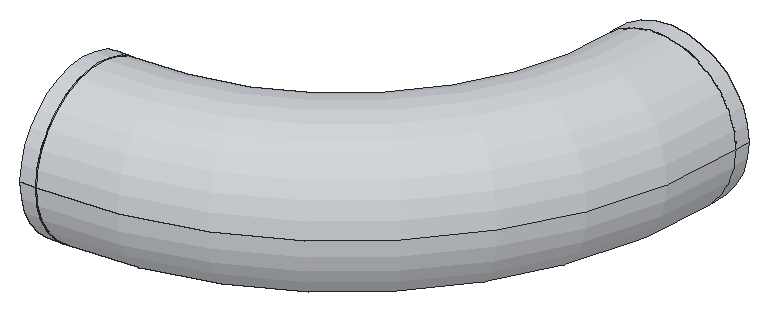
Revit family "ab8b8854cca347de896638fe560b3b99", category Duct Fittings, Revit 2021
Family settings
  Round Connector Dimension = Use Radius
  Part Type = Elbow
  OmniClass Number = 23.75.70.14
  OmniClass Title = Air Ductwork
  Seek Item ID = Round 3 Gore 1D Elbow - DTL-0000-USA-ENU
  Work Plane-Based = No
  Always vertical = Yes
  Cut with Voids When Loaded = No
  Shared = No
Parameters (values of type "Standard")
  Straight Out Visibility [instance] = Straight Out > 0' 0"  # yes
  Straight Out [instance] = 2"
  Straight In Visibility [instance] = Straight In > 0' 0"  # yes
  Straight In [instance] = 2"
  Straight Out 1 [instance] = if(Straight Out = 0' 0", 0' 0 1/2", Straight Out)  # 2"
  Straight In 1 [instance] = if(Straight In = 0' 0", 0' 0 1/2", Straight In)  # 2"
  Number of Gores = 3
  Length 3 [instance] = Center Radius * cos(Angle) - Straight Out * sin(Angle) + 1' 8"  # 18"
  Length 2 [instance] = Center Radius * sin(Angle) + Straight Out * cos(Angle)  # 40"
  Radius Out [instance] = 10"
  Length 1 [instance] = Center Radius * tan(Angle / 2)  # 40"
  Radius In [instance] = 10"
  Maximum Segmentation Angle [instance] = Angle / (Number of Gores - 1)  # 45.00°
  Diameter Out [instance] = Radius Out * 2  # 20"
  Diameter In [instance] = Radius In * 2  # 20"
  Default Elevation = 0' - 0"
  Center Radius [instance] = 40"
  Assembly Code = ""
  Angle [instance] = 90.00°
Reference planes (in)
  plane 1 "Center (Front/Back)": y = 0
  plane 2: z = 0
  plane 3 "Center (Left/Right)": x = 0
  plane 4: x = -40
  plane 5: y = 40
  plane 6: x = -42
  plane 7: x = -40
  plane 8: y = 42
  plane 9: x = 0
  plane 10: y = 60
Forms (in)
  SweptBlend 1, solid, detail levels medium+fine
    path in 3D
      loop
        arc (-40, 0, 0) -> (-11.71573, 11.71573, 0) -> (0, 40, 0) r 40
    profile origin (-40, 0, 0) x (0, 1, 0) y (0, 0, 1)
      loop
        circle (0, 0) r 10
    end profile origin (0, 40, 0) x (-1, 0, 0) y (0, 0, 1)
      loop
        circle (0, 0) r 10
  Sweep 2, solid, visible <- "Straight In Visibility", detail levels medium+fine
    path in 3D
      loop
        line (-42, 0, 0) -> (-40, 0, 0)
    profile origin (-41, 0, 0) x (0, 1, 0) y (0, 0, 1)
      loop
        circle (0, 0) r 10
  Sweep 3, solid, visible <- "Straight Out Visibility", detail levels medium+fine
    path in 3D
      loop
        line (0, 42, 0) -> (0, 40, 0)
    profile origin (0, 41, 0) x (1, 0, 0) y (0, 0, 1)
      loop
        circle (0, 0) r 10
Lines and regions (in)
  model lines, detail levels coarse
    curve 1: arc (-40, 0, 0) -> (-11.71573, 11.71573, 0) -> (0, 40, 0) r 40
    curve 3: line (-42, 0, 0) -> (-40, 0, 0)
    curve 6: line (0, 42, 0) -> (0, 40, 0)
  sketch lines
    curve 2: arc (-40, 0, 0) -> (-11.71573, 11.71573, 0) -> (0, 40, 0) r 40
    curve 4: line (-42, 0, 0) -> (-40, 0, 0)
    curve 7: line (0, 42, 0) -> (0, 40, 0)
  model lines, not visible, detail levels coarse
    curve 5: line (0, 0, 0) -> (0, 42, 0)
Dimensions and locks (in)
  "Length 1": plane 4 to plane 3 "Center (Left/Right)"
  "Center Radius": plane 1 "Center (Front/Back)" to plane 5
  "Straight In": plane 6 to plane 4
  "Straight In 1": plane 6 to plane 7
  "Length 2": plane 4 to plane 9
  "Straight Out 1": curve 6 to curve 6
  plane 5 to plane 10 = 1' - 8"
  "Length 3": plane 10 to plane 8
  "Radius In": radius of SweptBlend 1 sketch curve
  "Radius Out": radius of SweptBlend 1 sketch curve
  "Radius In": radius of Sweep 2 sketch curve
  "Radius Out": radius of Sweep 3 sketch curve
  "Center Radius": radius of curve 1
  "Angle": angle curve 1 to curve 1
  "Angle": angle plane 1 "Center (Front/Back)" to curve 6
  aligned and locked: plane 4 to curve 1
  aligned and locked: plane 7 to curve 3
  aligned and locked: plane 6 to curve 3
  aligned and locked: plane 1 "Center (Front/Back)" to curve 3
  aligned and locked: plane 9 to curve 5
  aligned and locked: plane 8 to curve 5
  aligned and locked: plane 1 "Center (Front/Back)" to curve 5
Automatic sketch dimensions
  SweptBlend 1 sketch curve to profile plane = 0' - 0"  (x4)
  Sweep 2 sketch curve to profile plane = 0' - 0"  (x2)
  Sweep 3 sketch curve to profile plane = 0' - 0"  (x2)
Connectors (in)
  hvac at (-42, 0, 0), driven by "Radius In"
    settings: on Sweep 2, index 1, duct flow 0 CFM, flow factor 0, pres drop 0.00 in-wg, loss coef 0, conn angle 0.00°, conn width 12", conn height 12", conn diameter 20", duct sys type 28, conn prof type 0, flow config 0, flow direction 0, loss method 0, conn ref index 2, conn util no, is conn primary yes, conn desc ""
  hvac at (0, 42, 0), driven by "Radius Out", driven by "Angle"
    settings: on Sweep 3, index 2, duct flow 0 CFM, flow factor 0, pres drop 0.00 in-wg, loss coef 0, conn angle 90.00°, conn width 12", conn height 12", conn diameter 20", duct sys type 28, conn prof type 0, flow config 0, flow direction 0, loss method 0, conn ref index 1, conn util no, is conn primary no, conn desc ""
